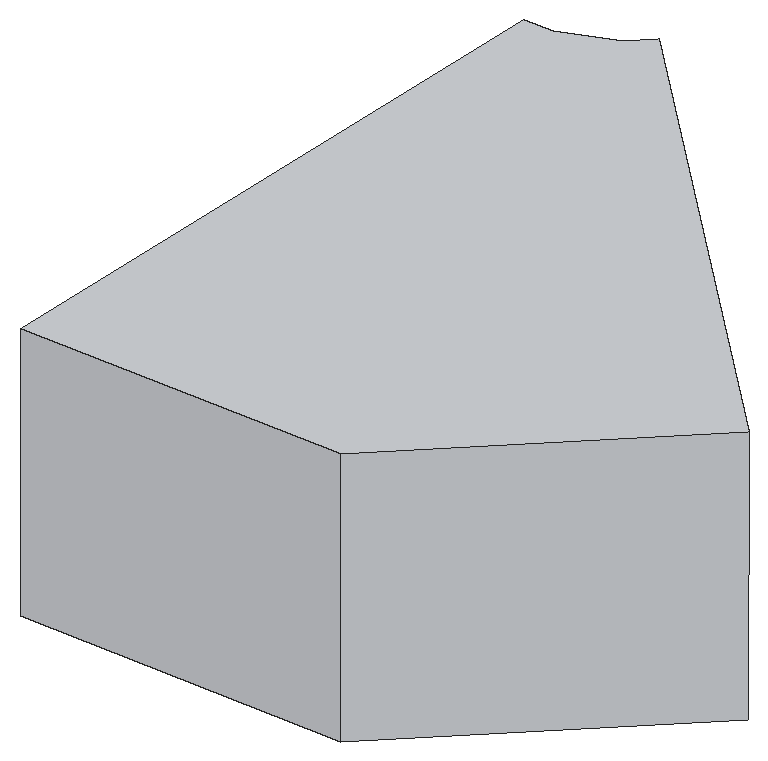
Revit family "M_Rectangular Elbow - Beveled Throat - Sharp Heel", category Duct Fittings, Revit 2014
Parameters (values of type "Standard")
  Throat Offset y [instance] = Throat Length * sin(Angle / 2)  # 19.134 mm
  Throat Offset x [instance] = Throat Length * cos(Angle / 2)  # 46.194 mm
  Throat Offset_Judge [instance] = Throat Offset  # 27.06 mm
  Throat Offset [instance] = Throat Length / 2 / cos(Angle / 2)  # 27.06 mm
  Shoulder Length [instance] = 25 mm
  Length y 4 [instance] = if(Angle = 90.00°, Duct Width / 3, Length x 3 * sin(Angle))  # 197.903 mm
  Length y 3 [instance] = Duct Width / 2  # 275 mm
  Length y 2 [instance] = Length x 1 * sin(Angle)  # 36.812 mm
  Length y 1 [instance] = if(Angle = 90.00°, Duct Width / 3, Duct Width / 2)  # 275 mm
  Length x 4 [instance] = Length x 3 * cos(Angle)  # 197.903 mm
  Length x 3 [instance] = Shoulder Length + Throat Length / cos(Angle / 2) / 2 + Duct Width * tan(Angle / 2)  # 279.877 mm
  Length x 2 [instance] = Length x 1 * cos(Angle)  # 36.812 mm
  Length x 1 [instance] = Shoulder Length + Throat Length / cos(Angle / 2) / 2  # 52.06 mm
  Half Width [instance] = Duct Width / 2  # 275 mm
  Half Height [instance] = Duct Height / 2  # 112.5 mm
  Duct Width [instance] = 550 mm
  Throat Length [instance] = 50 mm
  Duct Length 5 [instance] = Duct Length 4 * 2 + Throat Length  # 159.402 mm
  Duct Length 4 [instance] = Duct Width / tan((180.00° - Angle / 2) / 2) / 2  # 54.701 mm
  Duct Length 3 [instance] = Duct Length 5 / 2 / cos(Angle / 2)  # 86.268 mm
  Duct Length 2 [instance] = Duct Length 1 - Duct Length 3  # 79.701 mm
  Duct Length 1 [instance] = Shoulder Length + Throat Length / cos(Angle / 2) / 2 + Duct Width / 2 * tan(Angle / 2)  # 165.969 mm
  Duct Height [instance] = 225 mm
  Assembly Code = ""
  Angle 1 [instance] = Angle / 2  # 22.50°
  Angle [instance] = 45.00°
Reference planes
  plane 1 "Center (Front/Back)": y = 0
  plane 2: z = 0
  plane 3 "Center (Left/Right)": x = 0
  plane 4 "Insulation": z = -112.5
  plane 5: x = -165.969
  plane 6: z = 112.5
  plane 7: x = -113.909
  plane 8: x = -77.097
  plane 9: y = 275
  plane 10: y = 311.812
  plane 11: x = 113.909
  plane 12: y = -275
  plane 13: y = -77.097
  plane 14: x = 311.812
Forms (mm)
  Sweep 1, solid, detail levels medium+fine
    path in 3D
      loop
        line (-165.969, 0, 0) -> (-86.268, 0, 0) -> (61, 61, 0) -> (117.357, 117.357, 0)
    profile "M_Duct - Rectangular : Duct - Rectangular" origin (-126.118, 0, 0) x (0, 1, 0) y (0, 0, 1)
      loop
        line (-275, 112.5) -> (-275, -112.5) -> (275, -112.5) -> (275, 112.5) -> (-275, 112.5)
  Sweep 2, solid, detail levels medium+fine
    path in 3D
      loop
        line (-165.969, 0, 0) -> (0, 0, 0) -> (117.357, 117.357, 0)
    profile "M_Duct - Rectangular : Duct - Rectangular" origin (-82.984, 0, 0) x (0, 1, 0) y (0, 0, 1)
      loop
        line (-275, 112.5) -> (-275, -112.5) -> (275, -112.5) -> (275, 112.5) -> (-275, 112.5)
Cuts and joins
  joined: Sweep 1, Sweep 2
Lines and regions (mm)
  model lines, detail levels coarse
    curve 1: line (-165.969, 0, 0) -> (0, 0, 0)
    curve 2: line (0, 0, 0) -> (117.357, 117.357, 0)
  reference lines
    curve 3: line (-165.969, 0, 0) -> (-86.268, 0, 0)
    curve 4: line (-86.268, 0, 0) -> (61, 61, 0)
    curve 5: line (61, 61, 0) -> (117.357, 117.357, 0)
  sketch lines
    curve 6: line (-165.969, 0, 0) -> (-86.268, 0, 0)
    curve 7: line (-86.268, 0, 0) -> (61, 61, 0)
    curve 8: line (61, 61, 0) -> (117.357, 117.357, 0)
    curve 9: line (-165.969, 0, 0) -> (0, 0, 0)
    curve 10: line (0, 0, 0) -> (117.357, 117.357, 0)
Dimensions and locks
  "Duct Length 1": plane 5 to plane 3 "Center (Left/Right)"
  "Duct Length 1": curve 2 to curve 2
  "Duct Length 2": curve 3 to curve 3
  "Duct Length 5": curve 4 to curve 4
  "Duct Length 2": curve 5 to curve 5
  "Duct Length 1": curve 1 to curve 1
  "Half Height": plane 6 to plane 2
  "Half Height": plane 2 to plane 4 "Insulation"
  "Length x 1": plane 5 to plane 7
  "Length x 2": plane 7 to plane 8
  "Length y 1": plane 1 "Center (Front/Back)" to plane 9
  "Length y 2": plane 9 to plane 10
  "Length x 3": plane 5 to plane 11
  "Length y 3": plane 12 to plane 1 "Center (Front/Back)"
  "Length y 4": plane 13 to plane 12
  "Length x 4": plane 11 to plane 14
  "Angle": angle plane 1 "Center (Front/Back)" to curve 2
  "Angle 1": angle plane 1 "Center (Front/Back)" to curve 4
  "Angle": angle plane 1 "Center (Front/Back)" to curve 5
  aligned and locked: plane 1 "Center (Front/Back)" to curve 1
  aligned and locked: plane 5 to curve 3
  aligned and locked: plane 5 to curve 1
Automatic sketch dimensions
  curve 3 to plane 1 "Center (Front/Back)" = 0 mm
Connectors
  hvac at (-165.969, 0, 0), driven by "Duct Height", driven by "Duct Width", driven by "Angle"
    settings: on cut or joined group of Sweep 1, Sweep 2, index 1, duct flow 0.0 L/s, flow factor 0, pres drop 0.0 Pa, loss coef 0, conn angle 45.00°, conn width 550 mm, conn height 225 mm, conn diameter 609.6 mm, duct sys type 28, conn prof type 1, flow config 0, flow direction 0, loss method 0, conn ref index 2, conn util no, is conn primary yes, conn desc ""
  hvac at (117.357, 117.357, 0), driven by "Duct Height", driven by "Duct Width", driven by "Angle"
    settings: on cut or joined group of Sweep 1, Sweep 2, index 2, duct flow 0.0 L/s, flow factor 0, pres drop 0.0 Pa, loss coef 0, conn angle 45.00°, conn width 550 mm, conn height 225 mm, conn diameter 609.6 mm, duct sys type 28, conn prof type 1, flow config 0, flow direction 0, loss method 0, conn ref index 1, conn util no, is conn primary no, conn desc ""
